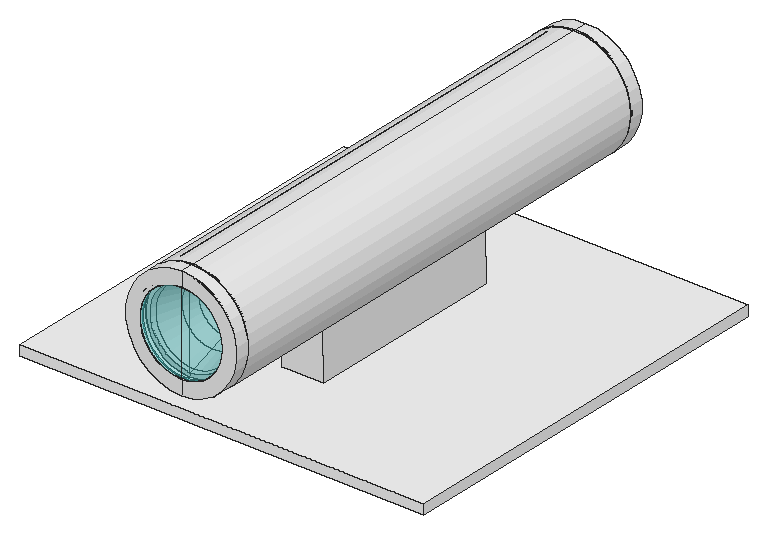
Revit family "BE_24008_de_DE", category Leuchten, Revit 2020
Family settings
  Basisbauteil = Fläche
  Bemaßung runder Anschluss = Durchmesser verwenden
  Teiletyp = Normal
  Beim Laden mit Abzugskörper schneiden = Ja
  Lichtquelle = Ja
  Gemeinsam genutzt = Nein
  Raumberechnungspunkt = Ja
Parameters (values of type "BEGA_24008_Weiß_K4")
  built-in parameter 1150104 = 14.279 (stored number, unit not read)
  Wattage = 24.2 W
  Default Elevation = 0 mm
  built-in parameter 1150113 = 1 (stored number, unit not read)
  built-in parameter 1114218 = 1 (stored number, unit not read)
  Umgebungstemperatur = "25 °C"
  URL = "https://www.bega.com/de/produkt/24008"
  Typenkommentare = "© 2022 BEGA. Wir behalten uns das Recht vor, technische Änderungen ohne vorherige Ankündigung vorzunehmen."  # constant formula
  Type Image = 24008.png
  built-in parameter 1150134 = 12
  built-in parameter 1150109 = 1 (stored number, unit not read)
  Strom = ""
  built-in parameter 1150110 = 1 (stored number, unit not read)
  Spannung = 239.996 V
  Sonderanfertigung = no
  Seriennummer [instance] = "Hier können Sie die eindeutige Seriennummer für das Facility Management eintragen."
  Schutzklasse = "I"
  Schutzart = "IP 65"
  Scheinlast = 0 VA
  Produktdatenblatt = "https://cdn.bega.com/bega/products/24008WK3/current/documents/data-sheets/de"
  Oberflächentemperatur = ""
  Neigungswinkel = 0.00°
  Modell = "24008WK4"
  Material_17 = BEGA_Reflektor
  Material_15 = BEGA_Leuchtmedium_matt
  Material_11 = BEGA_Glas_opal
  Material_09 = BEGA_Glas_klar
  Material_06 = BEGA_Oberfläche_Edelstahl_gebürstet
  Material_03 = BEGA_Oberfläche_Weiss_matt
  Material_02 = BEGA_Oberfläche_Silber_matt
  Material_01 [instance] = BEGA_Oberfläche_Grafit_matt
  M_W = yes
  M_G = no
  M_A = no
  Logo = 0
  built-in parameter 1114217 = 1 (stored number, unit not read)
  built-in parameter 1150139 = (empty or 0)
  built-in parameter 1150105 = 295.99 (stored number, unit not read)
  built-in parameter 1150114 = 1 (stored number, unit not read)
  Lumens = 3719.54 lm
  built-in parameter 1150115 = 1 (stored number, unit not read)
  Leuchtenlichtstrom = "2369 lm"
  Leuchtenanzahl = ""
  Lebensdauerkriterien = "L70B50 @ 25 °C = 190000 h"
  Lastklassifizierung = Beleuchtung
  built-in parameter 1150112 = 1 (stored number, unit not read)
  Lampenlichtstrom = "3720 lm"
  Lampe = "LED 24.2 W"
  LED_Modulbezeichnung = "2x LED-0813/840"
  built-in parameter 1150142 = (empty or 0)
  Hersteller = "BEGA"  # constant formula
  Halbstreuwinkel = ""
  Gewicht = "3.2 kg"
  Gebrauchslageneinschränkung [instance] = ""
  Frequenz = "0/50-60 Hz"
  Farbwiedergabeindex = "CRI > 80"
  Farbtemperaturverschiebung bei Dämpfen der Lampe = <Keine Auswahl>
  Farbtemperatur = "4000 K"
  Color Filter = 16777215
  built-in parameter 1150133 = 10 (stored number, unit not read)
  Energieeffizienzklasse = "LED A++ - A"
  built-in parameter 1150137 = (empty or 0)
  built-in parameter 1150132 = (empty or 0)
  ENEC = "ja"
  Dimmbar [instance] = "DALI"
  Datei für fotometrisches Netz = "BE_24008K4.IES"
  CE_Konformität = "ja"
  Bestellnummer = "24008WK4"
  Beschreibung_Sonderanfertigung = "Hier können Sie Informationen zur Sonderanfertigung eintragen."
  Beschreibung = "Wandleuchte"
  built-in parameter 1150106 = 2.9599 (stored number, unit not read)
  Befestigungsbohrung = "Ø 4,3 mm"
  Befestigungsabstand = "160 x 14 mm"
  Ballwurfsicher = ""
  BEGA_Intern_aus = yes
  BEGA_Intern_an = yes
  BEGA_Intern_Konstruktion = yes
  BEGA_Intern = yes
  BEGA_IES = yes
  BEGA_Dummy = no
  Anschlussleitung = ""
  Anschlussleistung [instance] = "27.2 W"
  Anschlusskasten = ""
  built-in parameter 1150107 = 4000 (stored number, unit not read)
  built-in parameter 1150102 = (empty or 0)
  built-in parameter 1150138 = (empty or 0)
  Aktualisierung = "2022-05-18T04:00:07"
  Abstand_zur_angestrahlten_Fläche [instance] = ""
  AC/DC = "AC/DC"
Types (6, lengths in mm): name | built-in parameter 1150104 | Wattage | built-in parameter 1150134 | Modell | M_W | M_G | M_A | built-in parameter 1150105 | Lumens | Leuchtenlichtstrom | Lampenlichtstrom | LED_Modulbezeichnung | Farbtemperatur | Datei für fotometrisches Netz | Bestellnummer | built-in parameter 1150106 | built-in parameter 1150107
  BEGA_24008_Weiß_K4 | 14.279 (stored number, unit not read) | 24.2 W | 12 | "24008WK4" | yes | no | no | 295.99 (stored number, unit not read) | 3719.54 lm | "2369 lm" | "3720 lm" | "2x LED-0813/840" | "4000 K" | "BE_24008K4.IES" | "24008WK4" | 2.9599 (stored number, unit not read) | 4000 (stored number, unit not read)
  BEGA_24008_Weiß_K3 | 13.359 (stored number, unit not read) | 24.2 W | (empty or 0) | "24008WK3" | yes | no | no | 276.93 (stored number, unit not read) | 3479.96 lm | "2216 lm" | "3480 lm" | "2x LED-0813/830" | "3000 K" | "BE_24008K3.IES" | "24008WK3" | 2.7693 (stored number, unit not read) | 3000 (stored number, unit not read)
  BEGA_24008_Grafit_K4 | 13.8 (stored number, unit not read) | 153.7 W | 12 | "24008K4" | no | yes | no | 1816.8 (stored number, unit not read) | 22830.9 lm | "2369 lm" | "3720 lm" | "2x LED-0813/840" | "4000 K" | "BE_24008K4.IES" | "24008K4" | 18.168 (stored number, unit not read) | 4000 (stored number, unit not read)
  BEGA_24008_Silber_K4 | 14.279 (stored number, unit not read) | 24.2 W | 12 | "24008AK4" | no | no | yes | 295.99 (stored number, unit not read) | 3719.54 lm | "2369 lm" | "3720 lm" | "2x LED-0813/840" | "4000 K" | "BE_24008K4.IES" | "24008AK4" | 2.9599 (stored number, unit not read) | 4000 (stored number, unit not read)
  BEGA_24008_Silber_K3 | 13.359 (stored number, unit not read) | 24.2 W | (empty or 0) | "24008AK3" | no | no | yes | 276.93 (stored number, unit not read) | 3479.96 lm | "2216 lm" | "3480 lm" | "2x LED-0813/830" | "3000 K" | "BE_24008K3.IES" | "24008AK3" | 2.7693 (stored number, unit not read) | 3000 (stored number, unit not read)
  BEGA_24008_Grafit_K3 | 13.359 (stored number, unit not read) | 24.2 W | (empty or 0) | "24008K3" | no | yes | no | 276.93 (stored number, unit not read) | 3479.96 lm | "2216 lm" | "3480 lm" | "2x LED-0813/830" | "3000 K" | "BE_24008K3.IES" | "24008K3" | 2.7693 (stored number, unit not read) | 3000 (stored number, unit not read)
Reference planes
  plane 1 "Mitte (Vorne/Hinten)": y = 0
  plane 2: z = 0
  plane 3 "Mitte (Links/Rechts)": x = 0
  plane 4 "Links": x = -55
  plane 5 "Rechts": x = 55
  plane 6 "Unten": y = -249.991
  plane 7 "Oben": y = 250
  plane 8 "Vorne": z = 157.5
  plane 9 "Hinten": z = 0
Forms (mm)
  Extrusion 1, solid, material "BEGA_Platte_Weiss"
    sketch origin (0, -1119.2, 0) x (1, 0, 0) y (0, 1, 0)
      loop
        line (-200, 1319.2) -> (-200, 919.2) -> (200, 919.2) -> (200, 1319.2) -> (-200, 1319.2)
    from 0 to -10
  Extrusion 2, solid, material "BEGA_Dummy_matt", visible <- "BEGA_Dummy"
    sketch origin (80.095, -76.023, 0) x (1, 0, 0) y (0, 1, 0)
      loop
        line (-135.095, 326.023) -> (-135.095, -173.968) -> (-25.095, -173.968) -> (-25.095, 326.023) -> (-135.095, 326.023)
    from 0 to 157.5
Dimensions and locks
  plane 1 "Mitte (Vorne/Hinten)" to Extrusion 1 = 200 mm
  aligned and locked: plane 2 to Extrusion 1
  aligned and locked: level to Extrusion 1
Nested families
  nested 1: "BE_24008_Wandleuchte" at (0, 0, 0), type "BE_24008_Wandleuchte"
    with Neigungswinkel_um_Y2 0.00°, Neigungswinkel_um_Y1 0.00°, Neigungswinkel_um_X2 0.00°, Neigungswinkel_um_X1 0.00°, Drehwinkel_um_Z2 0.00°, Drehwinkel_um_Z1 0.00°, BEGA_Neigng_Y2 0.00°, BEGA_Neigng_Y1 0.00°, BEGA_Neigng_X2 0.00°, BEGA_Neigng_X1 0.00°, BEGA_Infotext_Winkel no
Connectors
  electrical at (0, 0, 0), driven by "Lastklassifizierung", driven by "Spannung", driven by "Scheinlast"
    settings: index 1, voltage 239.996 V, apparent load 0 VA, apparent load phase1 0 VA, apparent load phase2 0 VA, apparent load phase3 0 VA, power factor 1, load classification "Beleuchtung", number of poles 1, system type 31, power factor state 1, is connector primary yes, connector utility no, sub classification motor no, connector description ""
Definition of nested family "BE_24008_Wandleuchte"
  Parameters (values of type "BE_24008_Wandleuchte")
    Default Elevation = 1 mm
    URL = "http://www.bega.de/de/produkt"
    Type Comments = "© 2015 BEGA. Wir behalten uns das Recht vor, technische Änderungen ohne vorherige Ankündigung vorzunehmen. "  # constant formula
    Type Image = element 69241
    Neigungswinkel_um_Y2 [instance] = 0.00°
    Neigungswinkel_um_Y1 [instance] = 0.00°
    Neigungswinkel_um_X2 [instance] = 0.00°
    Neigungswinkel_um_X1 [instance] = 0.00°
    Material_17 = none
    Material_15 = none
    Material_09 = none
    Material_03 = none
    Material_02 = none
    Material_01 = none
    M_W = yes
    M_G = yes
    M_A = yes
    Länge_Platte = 200 mm  # constant formula
    Höhe_Platte = -10 mm  # constant formula
    Manufacturer = "BEGA"  # constant formula
    Drehwinkel_um_Z2 [instance] = 0.00°
    Drehwinkel_um_Z1 [instance] = 0.00°
    Breite_Platte = 200 mm  # constant formula
    BEGA_Neigng_Y2 [instance] = if(Neigungswinkel_um_Y2 < -30.00°, -30.00°, if(Neigungswinkel_um_Y2 > 30.00°, 30.00°, Neigungswinkel_um_Y2))  # 0.00°
    BEGA_Neigng_Y1 [instance] = if(Neigungswinkel_um_X2 < -30.00°, -30.00°, if(Neigungswinkel_um_X2 > 30.00°, 30.00°, Neigungswinkel_um_X2))  # 0.00°
    BEGA_Neigng_X2 [instance] = if(Neigungswinkel_um_Y1 < -30.00°, -30.00°, if(Neigungswinkel_um_Y1 > 30.00°, 30.00°, Neigungswinkel_um_Y1))  # 0.00°
    BEGA_Neigng_X1 [instance] = if(Neigungswinkel_um_X1 < -30.00°, -30.00°, if(Neigungswinkel_um_X1 > 30.00°, 30.00°, Neigungswinkel_um_X1))  # 0.00°
    BEGA_Infotext_Winkel [instance] = if(or(Neigungswinkel_um_X1 < -30.00°, Neigungswinkel_um_X1 > 30.00°, Neigungswinkel_um_X2 < -30.00°, Neigungswinkel_um_X2 > 30.00°, Neigungswinkel_um_Y1 < -30.00°, Neigungswinkel_um_Y1 > 30.00°, Neigungswinkel_um_Y2 < -30.00°, Neigungswinkel_um_Y2 > 30.00°), 1 < 2, 1 > 2)  # no
    Aktualisierung = "Stand: 25.03.2015"  # constant formula
  Reference planes
    plane 1 "Mitte (Vorne/Hinten)": y = 0
    plane 2: z = 0
    plane 3 "Mitte (Links/Rechts)": x = 0
    plane 4 "Befestigung Links": x = -55
    plane 5 "Befestigung Rechts": x = 55
    plane 6: z = 157.5
    plane 7: y = 250
    plane 8: y = -249.991
  Forms (mm)
    Extrusion 1, solid, detail levels medium
      sketch origin (0, 0, 0) x (1, 0, 0) y (0, 1, 0)
        loop
          line (-100, 100) -> (-100, -100) -> (100, -100) -> (100, 100) -> (-100, 100)
      from 0 to -10 <- "Höhe_Platte"
    Extrusion 2, solid, material <- "Material_01", visible <- "M_G", detail levels medium+fine
      sketch origin (0, 0, 0) x (1, 0, 0) y (0, 0, 1)
        loop
          line (20.847, 0) -> (20, 48.5) -> (17.678, 50.822)
          arc (17.678, 50.822) -> (16.556, 49.768) -> (15.372, 48.785) r 25
          arc (15.372, 48.785) -> (0.121, 43.5) -> (-15.18, 48.636) r 25
          arc (-15.18, 48.636) -> (-16.465, 49.688) -> (-17.678, 50.822) r 25
          line (-17.678, 50.822) -> (-20, 48.5) -> (-20.847, 0) -> (20.847, 0)
      from -100 to 100
    Extrusion 3, void
      sketch origin (0, 0, 0) x (1, 0, 0) y (0, 1, 0)
        loop
          line (-15.384, 71.433) -> (-15.384, -71.433) -> (15.384, -71.433) -> (15.384, 71.433) -> (-15.384, 71.433)
      from 0 to 11.465
    Extrusion 4, void
      sketch origin (0, 0, 0) x (0, 1, 0) y (0, 0, 1)
        loop
          line (87.516, 43) -> (-87.53, 43) -> (-86.5, 13.501) -> (86.501, 13.501) -> (87.516, 43)
      from -13.32 to 13.455
    Extrusion 5, void
      sketch origin (0, 0, 0) x (1, 0, 0) y (0, 1, 0)
        loop
          circle (7, -80) r 2.65
        loop
          circle (-7, 80) r 2.65
      from 0 to 13.5
    Extrusion 6, void
      sketch origin (0, 0, 0) x (1, 0, 0) y (0, 1, 0)
        loop
          circle (-7, 80) r 5.5
        loop
          circle (7, -80) r 5.5
      from 3.965 to 13.5
    Extrusion 7, void
      sketch origin (0, 0, 0) x (1, 0, 0) y (0, 1, 0)
        loop
          circle (0, 57.191) r 8.5
        loop
          circle (0, 24) r 8.5
      from 11.465 to 13.5
    Revolve 8, solid, material <- "Material_09", detail levels medium+fine
      sketch origin (0, 0, 0) x (0, 1, 0) y (0, 0, 1)
        loop
          line (250, 102.5) -> (250, 143.2) -> (246, 143.2) -> (246, 145.75) -> (240, 145.75) -> (240, 102.5) -> (250, 102.5)
        axis (240, 102.5) -> (250, 102.5)
      angle from 0 to 360
    Revolve 9, solid, material <- "Material_09", detail levels medium+fine
      sketch origin (0, 0, 0) x (0, -1, 0) y (0, 0, 1)
        loop
          line (250, 102.5) -> (250, 143.2) -> (246, 143.2) -> (246, 145.75) -> (240, 145.75) -> (240, 102.5) -> (250, 102.5)
        axis (240, 102.5) -> (250, 102.5)
      angle from 0 to 360
    Revolve 10, solid, material <- "Material_17", detail levels medium+fine
      sketch origin (0, 0, 0) x (0, 1, 0) y (0, 0, 1)
        loop
          line (179.656, 110) -> (180.22, 116.443)
          arc (180.22, 116.443) -> (188.873, 122.105) -> (198.109, 126.756) r 91.573
          arc (198.109, 126.756) -> (205.26, 129.762) -> (212.48, 132.596) r 323.555
          arc (212.48, 132.596) -> (223.888, 136.638) -> (235.46, 140.186) r 281.579
          arc (235.46, 140.186) -> (237.729, 140.848) -> (240, 141.5) r 514.681
          line (240, 141.5) -> (240, 145.25) -> (239.138, 145.25) -> (239.138, 141.774) -> (236.064, 140.884)
          arc (236.064, 140.884) -> (227.608, 138.33) -> (219.214, 135.579) r 378.531
          arc (219.214, 135.579) -> (208.24, 131.549) -> (197.446, 127.061) r 278.266
          arc (197.446, 127.061) -> (188.09, 122.269) -> (179.357, 116.419) r 90.068
          line (179.357, 116.419) -> (178.795, 110) -> (179.656, 110)
        axis (178.795, 102.5) -> (240, 102.5)
      angle from 0 to 360
    Revolve 11, solid, material <- "Material_17", detail levels medium+fine
      sketch origin (0, 0, 0) x (0, -1, 0) y (0, 0, 1)
        loop
          line (179.656, 110) -> (180.22, 116.443)
          arc (180.22, 116.443) -> (188.873, 122.105) -> (198.109, 126.756) r 91.573
          arc (198.109, 126.756) -> (205.26, 129.762) -> (212.48, 132.596) r 323.555
          arc (212.48, 132.596) -> (223.888, 136.638) -> (235.46, 140.186) r 281.579
          arc (235.46, 140.186) -> (237.729, 140.848) -> (240, 141.5) r 514.681
          line (240, 141.5) -> (240, 145.25) -> (239.138, 145.25) -> (239.138, 141.774) -> (236.064, 140.884)
          arc (236.064, 140.884) -> (227.608, 138.33) -> (219.214, 135.579) r 378.531
          arc (219.214, 135.579) -> (208.24, 131.549) -> (197.446, 127.061) r 278.266
          arc (197.446, 127.061) -> (188.09, 122.269) -> (179.357, 116.419) r 90.068
          line (179.357, 116.419) -> (178.795, 110) -> (179.656, 110)
        axis (178.795, 102.5) -> (240, 102.5)
      angle from 0 to 360
    Revolve 12, solid, material <- "Material_15", detail levels medium+fine
      sketch origin (0, 0, 0) x (0, 1, 0) y (0, 0, 1)
        loop
          line (179.656, 102.5) -> (179.656, 110) -> (178.795, 110) -> (178.795, 102.5) -> (179.656, 102.5)
        axis (178.795, 102.5) -> (179.795, 102.5)
      angle from 0 to 360
    Revolve 13, solid, material <- "Material_15", detail levels medium+fine
      sketch origin (0, 0, 0) x (0, -1, 0) y (0, 0, 1)
        loop
          line (179.656, 102.5) -> (179.656, 110) -> (178.795, 110) -> (178.795, 102.5) -> (179.656, 102.5)
        axis (178.795, 102.5) -> (179.795, 102.5)
      angle from 0 to 360
    Revolve 14, solid, material <- "Material_01", visible <- "M_G", detail levels medium+fine
      sketch origin (0, 0, 0) x (0, 1, 0) y (0, 0, 1)
        loop
          line (235.5, 157.5) -> (-235.491, 157.5) -> (-235.491, 155.25) -> (-238.991, 155.25) -> (-238.991, 154) -> (239, 154) -> (239, 155.25) -> (235.5, 155.25) -> (235.5, 157.5)
        axis (-238.991, 102.5) -> (239, 102.5)
      angle from 0 to 360
    Revolve 15, solid, material <- "Material_01", visible <- "M_G", detail levels medium+fine
      sketch origin (0, 0, 0) x (0, 1, 0) y (0, 0, 1)
        loop
          line (250, 157.523) -> (237, 157.75) -> (237, 155.75) -> (239, 155.715) -> (239, 153.905)
          arc (239, 153.905) -> (239.287, 153.204) -> (239.984, 152.905) r 1
          line (239.984, 152.905) -> (246, 152.8) -> (246, 147.526) -> (247.5, 147.5) -> (247.5, 143.719) -> (250, 143.5) -> (250, 157.523)
        axis (237, 102.5) -> (250, 102.5)
      angle from 0 to 360
    Revolve 16, solid, material <- "Material_01", visible <- "M_G", detail levels medium+fine
      sketch origin (0, 0, 0) x (0, -1, 0) y (0, 0, 1)
        loop
          line (250, 157.523) -> (237, 157.75) -> (237, 155.75) -> (239, 155.715) -> (239, 153.905)
          arc (239, 153.905) -> (239.287, 153.204) -> (239.984, 152.905) r 1
          line (239.984, 152.905) -> (246, 152.8) -> (246, 147.526) -> (247.5, 147.5) -> (247.5, 143.719) -> (250, 143.5) -> (250, 157.523)
        axis (237, 102.5) -> (250, 102.5)
      angle from 0 to 360
    Extrusion 17, solid, material <- "Material_02", visible <- "M_A", detail levels medium+fine
      sketch origin (0, 0, 0) x (1, 0, 0) y (0, 0, 1)
        loop
          line (20.847, 0) -> (20, 48.5) -> (17.678, 50.822)
          arc (17.678, 50.822) -> (16.556, 49.768) -> (15.372, 48.785) r 25
          arc (15.372, 48.785) -> (0.121, 43.5) -> (-15.18, 48.636) r 25
          arc (-15.18, 48.636) -> (-16.465, 49.688) -> (-17.678, 50.822) r 25
          line (-17.678, 50.822) -> (-20, 48.5) -> (-20.847, 0) -> (20.847, 0)
      from -100 to 100
    Revolve 18, solid, material <- "Material_02", visible <- "M_A", detail levels medium+fine
      sketch origin (0, 0, 0) x (0, 1, 0) y (0, 0, 1)
        loop
          line (235.5, 157.5) -> (-235.491, 157.5) -> (-235.491, 155.25) -> (-238.991, 155.25) -> (-238.991, 154) -> (239, 154) -> (239, 155.25) -> (235.5, 155.25) -> (235.5, 157.5)
        axis (-238.991, 102.5) -> (239, 102.5)
      angle from 0 to 360
    Revolve 19, solid, material <- "Material_02", visible <- "M_A", detail levels medium+fine
      sketch origin (0, 0, 0) x (0, 1, 0) y (0, 0, 1)
        loop
          line (250, 157.523) -> (237, 157.75) -> (237, 155.75) -> (239, 155.715) -> (239, 153.905)
          arc (239, 153.905) -> (239.287, 153.204) -> (239.984, 152.905) r 1
          line (239.984, 152.905) -> (246, 152.8) -> (246, 147.526) -> (247.5, 147.5) -> (247.5, 143.719) -> (250, 143.5) -> (250, 157.523)
        axis (237, 102.5) -> (250, 102.5)
      angle from 0 to 360
    Revolve 20, solid, material <- "Material_02", visible <- "M_A", detail levels medium+fine
      sketch origin (0, 0, 0) x (0, -1, 0) y (0, 0, 1)
        loop
          line (250, 157.523) -> (237, 157.75) -> (237, 155.75) -> (239, 155.715) -> (239, 153.905)
          arc (239, 153.905) -> (239.287, 153.204) -> (239.984, 152.905) r 1
          line (239.984, 152.905) -> (246, 152.8) -> (246, 147.526) -> (247.5, 147.5) -> (247.5, 143.719) -> (250, 143.5) -> (250, 157.523)
        axis (237, 102.5) -> (250, 102.5)
      angle from 0 to 360
    Extrusion 21, solid, material <- "Material_03", visible <- "M_W", detail levels medium+fine
      sketch origin (0, 0, 0) x (1, 0, 0) y (0, 0, 1)
        loop
          line (20.847, 0) -> (20, 48.5) -> (17.678, 50.822)
          arc (17.678, 50.822) -> (16.556, 49.768) -> (15.372, 48.785) r 25
          arc (15.372, 48.785) -> (0.121, 43.5) -> (-15.18, 48.636) r 25
          arc (-15.18, 48.636) -> (-16.465, 49.688) -> (-17.678, 50.822) r 25
          line (-17.678, 50.822) -> (-20, 48.5) -> (-20.847, 0) -> (20.847, 0)
      from -100 to 100
    Revolve 22, solid, material <- "Material_03", visible <- "M_W", detail levels medium+fine
      sketch origin (0, 0, 0) x (0, 1, 0) y (0, 0, 1)
        loop
          line (235.5, 157.5) -> (-235.491, 157.5) -> (-235.491, 155.25) -> (-238.991, 155.25) -> (-238.991, 154) -> (239, 154) -> (239, 155.25) -> (235.5, 155.25) -> (235.5, 157.5)
        axis (-238.991, 102.5) -> (239, 102.5)
      angle from 0 to 360
    Revolve 23, solid, material <- "Material_03", visible <- "M_W", detail levels medium+fine
      sketch origin (0, 0, 0) x (0, 1, 0) y (0, 0, 1)
        loop
          line (250, 157.523) -> (237, 157.75) -> (237, 155.75) -> (239, 155.715) -> (239, 153.905)
          arc (239, 153.905) -> (239.287, 153.204) -> (239.984, 152.905) r 1
          line (239.984, 152.905) -> (246, 152.8) -> (246, 147.526) -> (247.5, 147.5) -> (247.5, 143.719) -> (250, 143.5) -> (250, 157.523)
        axis (237, 102.5) -> (250, 102.5)
      angle from 0 to 360
    Revolve 24, solid, material <- "Material_03", visible <- "M_W", detail levels medium+fine
      sketch origin (0, 0, 0) x (0, -1, 0) y (0, 0, 1)
        loop
          line (250, 157.523) -> (237, 157.75) -> (237, 155.75) -> (239, 155.715) -> (239, 153.905)
          arc (239, 153.905) -> (239.287, 153.204) -> (239.984, 152.905) r 1
          line (239.984, 152.905) -> (246, 152.8) -> (246, 147.526) -> (247.5, 147.5) -> (247.5, 143.719) -> (250, 143.5) -> (250, 157.523)
        axis (237, 102.5) -> (250, 102.5)
      angle from 0 to 360
  Cuts and joins
    Extrusion 3, Extrusion 4, Extrusion 5, Extrusion 6, Extrusion 7 cuts Extrusion 2
    joined: Revolve 15, Revolve 16
    joined: Revolve 8, Revolve 9
    joined: Revolve 10, Revolve 11
    joined: Revolve 12, Revolve 13
    Extrusion 3, Extrusion 5, Extrusion 7 cuts Extrusion 17
    Extrusion 3, Extrusion 5, Extrusion 7 cuts Extrusion 21
  Dimensions and locks
    equal spacing: Extrusion 1 sketch curve, plane 3 "Mitte (Links/Rechts)", Extrusion 1 sketch curve
    equal spacing: Extrusion 1 sketch curve, plane 1 "Mitte (Vorne/Hinten)", Extrusion 1 sketch curve
    "Länge_Platte": Extrusion 1 sketch curve to Extrusion 1 sketch curve
    "Breite_Platte": Extrusion 1 sketch curve to Extrusion 1 sketch curve
    plane 1 "Mitte (Vorne/Hinten)" to Extrusion 1 = 100 mm  (x3)
    aligned and locked: Extrusion 1 to plane 2
    aligned and locked: Extrusion 1 to level
  Automatic sketch dimensions
    Extrusion 2 sketch curve to Extrusion 2 sketch curve = 0 mm  (x7)
    Extrusion 2 sketch curve to level = 0 mm
    Extrusion 2 sketch curve to plane 3 "Mitte (Links/Rechts)" = 0 mm
    Extrusion 2 sketch curve to plane 3 "Mitte (Links/Rechts)" = 17.678 mm
    Extrusion 2 sketch curve to Extrusion 2 sketch curve = 2.322 mm  (x3)
    Extrusion 2 sketch curve to plane 3 "Mitte (Links/Rechts)" = 20.847 mm
    plane 3 "Mitte (Links/Rechts)" to Extrusion 2 sketch curve = 17.678 mm
    plane 3 "Mitte (Links/Rechts)" to Extrusion 2 sketch curve = 20.847 mm
    level to Extrusion 2 sketch curve = 48.5 mm
    Extrusion 2 sketch curve to Extrusion 2 sketch curve = 17.678 mm
    Extrusion 2 sketch curve to Extrusion 2 sketch curve = 2.498 mm
    Extrusion 2 sketch curve to Extrusion 2 sketch curve = 2.306 mm
    Extrusion 3 sketch curve to plane 3 "Mitte (Links/Rechts)" = 15.384 mm
    plane 3 "Mitte (Links/Rechts)" to Extrusion 3 sketch curve = 15.384 mm
    plane 1 "Mitte (Vorne/Hinten)" to Extrusion 3 sketch curve = 71.433 mm
    Extrusion 3 sketch curve to plane 1 "Mitte (Vorne/Hinten)" = 71.433 mm
    level to Extrusion 4 sketch curve = 13.501 mm
    Extrusion 4 sketch curve to Extrusion 4 sketch curve = 1.03 mm
    Extrusion 4 sketch curve to Extrusion 4 sketch curve = 1.014 mm
    Extrusion 4 sketch curve to Extrusion 4 sketch curve = 29.499 mm
    Extrusion 5 sketch curve to plane 3 "Mitte (Links/Rechts)" = 7 mm
    plane 3 "Mitte (Links/Rechts)" to Extrusion 5 sketch curve = 7 mm
    Extrusion 6 sketch curve to plane 3 "Mitte (Links/Rechts)" = 7 mm
    plane 3 "Mitte (Links/Rechts)" to Extrusion 6 sketch curve = 7 mm
    Extrusion 7 sketch curve to plane 3 "Mitte (Links/Rechts)" = 0 mm  (x2)
    Extrusion 7 sketch curve to plane 1 "Mitte (Vorne/Hinten)" = 24 mm
    Extrusion 7 sketch curve to Extrusion 7 sketch curve = 33.19 mm
    Revolve 8 sketch curve to Revolve 8 sketch curve = 6 mm
    Revolve 8 sketch curve to Revolve 8 sketch curve = 10 mm
    Revolve 8 sketch curve to Revolve 8 sketch curve = 0 mm
    Revolve 8 sketch curve to Revolve 8 sketch curve = 40.7 mm
    Revolve 8 sketch curve to Revolve 8 sketch curve = 2.55 mm
    Revolve 8 sketch curve to Revolve 8 sketch curve = 0.199 mm
    Revolve 9 sketch curve to Revolve 9 sketch curve = 6 mm
    Revolve 9 sketch curve to Revolve 9 sketch curve = 10 mm
    Revolve 9 sketch curve to Revolve 9 sketch curve = 40.7 mm
    Revolve 9 sketch curve to Revolve 9 sketch curve = 2.55 mm
    Revolve 9 sketch curve to Revolve 9 sketch curve = 0.199 mm
    Revolve 10 sketch curve to Revolve 10 sketch curve = 0.562 mm
    Revolve 10 sketch curve to Revolve 10 sketch curve = 0.861 mm
    Revolve 10 sketch curve to Revolve 10 sketch curve = 0.863 mm
    Revolve 10 sketch curve to Revolve 10 sketch curve = 0.847 mm
    Revolve 10 sketch curve to Revolve 10 sketch curve = 3.074 mm
    Revolve 10 sketch curve to Revolve 10 sketch curve = 0.862 mm
    Revolve 10 sketch curve to Revolve 10 sketch curve = 2.56 mm
    Revolve 10 sketch curve to Revolve 10 sketch curve = 14.866 mm
    Revolve 10 sketch curve to Revolve 10 sketch curve = 14.213 mm
    Revolve 10 sketch curve to Revolve 10 sketch curve = 39.524 mm
    Revolve 10 sketch curve to Revolve 10 sketch curve = 3.15 mm
    Revolve 10 sketch curve to Revolve 10 sketch curve = 39.255 mm
    Revolve 10 sketch curve to Revolve 10 sketch curve = 52.741 mm
    Revolve 10 sketch curve to Revolve 10 sketch curve = 130.817 mm
    level to Revolve 10 sketch curve = 42.77 mm
    Revolve 10 sketch curve to Revolve 10 sketch curve = 1.868 mm
    Revolve 10 sketch curve to Revolve 10 sketch curve = 7.5 mm
    Revolve 10 sketch curve to Revolve 10 sketch curve = 6.419 mm
    Revolve 10 sketch curve to Revolve 10 sketch curve = 0.024 mm
    Revolve 10 sketch curve to Revolve 10 sketch curve = 14.129 mm
    Revolve 10 sketch curve to Revolve 10 sketch curve = 0.615 mm
    Revolve 10 sketch curve to Revolve 10 sketch curve = 0.274 mm
    Revolve 10 sketch curve to Revolve 10 sketch curve = 3.476 mm
    Revolve 10 sketch curve to Revolve 10 sketch curve = 0 mm  (x3)
    Revolve 10 sketch curve to Revolve 10 sketch curve = 9.801 mm
    Revolve 11 sketch curve to Revolve 11 sketch curve = 0.562 mm
    Revolve 11 sketch curve to Revolve 11 sketch curve = 0.861 mm
    Revolve 11 sketch curve to Revolve 11 sketch curve = 0.863 mm
    Revolve 11 sketch curve to Revolve 11 sketch curve = 0.847 mm
    Revolve 11 sketch curve to Revolve 11 sketch curve = 3.074 mm
    Revolve 11 sketch curve to Revolve 11 sketch curve = 0.862 mm
    Revolve 11 sketch curve to Revolve 11 sketch curve = 2.56 mm
    Revolve 11 sketch curve to Revolve 11 sketch curve = 14.866 mm
    Revolve 11 sketch curve to Revolve 11 sketch curve = 14.213 mm
    Revolve 11 sketch curve to Revolve 11 sketch curve = 39.524 mm
    Revolve 11 sketch curve to Revolve 11 sketch curve = 3.15 mm
    Revolve 11 sketch curve to Revolve 11 sketch curve = 39.255 mm
    Revolve 11 sketch curve to Revolve 11 sketch curve = 52.741 mm
    Revolve 11 sketch curve to Revolve 11 sketch curve = 130.817 mm
    Revolve 11 sketch curve to level = 42.77 mm
    Revolve 11 sketch curve to Revolve 11 sketch curve = 1.868 mm
    Revolve 11 sketch curve to Revolve 11 sketch curve = 65.361 mm
    Revolve 11 sketch curve to Revolve 11 sketch curve = 6.419 mm
    Revolve 11 sketch curve to Revolve 11 sketch curve = 0.024 mm
    Revolve 11 sketch curve to Revolve 11 sketch curve = 14.129 mm
    Revolve 11 sketch curve to Revolve 11 sketch curve = 0.615 mm
    Revolve 11 sketch curve to Revolve 11 sketch curve = 0.274 mm
    Revolve 11 sketch curve to Revolve 11 sketch curve = 3.476 mm
    Revolve 11 sketch curve to Revolve 11 sketch curve = 0 mm  (x3)
    Revolve 11 sketch curve to Revolve 11 sketch curve = 9.801 mm
    Revolve 12 sketch curve to Revolve 12 sketch curve = 0.861 mm
    Revolve 12 sketch curve to Revolve 12 sketch curve = 0 mm
    Revolve 12 sketch curve to Revolve 12 sketch curve = 7.5 mm
    Revolve 13 sketch curve to Revolve 13 sketch curve = 0.861 mm
    Revolve 13 sketch curve to Revolve 13 sketch curve = 7.5 mm
    Revolve 14 sketch curve to Revolve 14 sketch curve = 3.5 mm  (x2)
    Revolve 14 sketch curve to Revolve 14 sketch curve = 1.25 mm  (x2)
    Revolve 14 sketch curve to Revolve 14 sketch curve = 2.25 mm
    Revolve 15 sketch curve to Revolve 15 sketch curve = 2 mm  (x2)
    Revolve 15 sketch curve to Revolve 15 sketch curve = 0.984 mm
    Revolve 15 sketch curve to Revolve 15 sketch curve = 1 mm
    Revolve 15 sketch curve to Revolve 15 sketch curve = 6.016 mm
    Revolve 15 sketch curve to Revolve 15 sketch curve = 1.5 mm
    Revolve 15 sketch curve to Revolve 15 sketch curve = 4 mm
    Revolve 15 sketch curve to Revolve 15 sketch curve = 41 mm
    Revolve 15 sketch curve to Revolve 15 sketch curve = 0.219 mm
    Revolve 15 sketch curve to Revolve 15 sketch curve = 3.781 mm
    Revolve 15 sketch curve to Revolve 15 sketch curve = 0.026 mm
    Revolve 15 sketch curve to Revolve 15 sketch curve = 5.274 mm
    Revolve 15 sketch curve to Revolve 15 sketch curve = 0.105 mm
    Revolve 15 sketch curve to Revolve 15 sketch curve = 1.81 mm
    Revolve 15 sketch curve to Revolve 15 sketch curve = 0.035 mm
    Revolve 15 sketch curve to Revolve 15 sketch curve = 4.723 mm
    Revolve 15 sketch curve to Revolve 15 sketch curve = 0.199 mm
    Revolve 16 sketch curve to Revolve 16 sketch curve = 2 mm  (x2)
    Revolve 16 sketch curve to Revolve 16 sketch curve = 0.984 mm
    Revolve 16 sketch curve to Revolve 16 sketch curve = 1 mm
    Revolve 16 sketch curve to Revolve 16 sketch curve = 6.016 mm
    Revolve 16 sketch curve to Revolve 16 sketch curve = 1.5 mm
    Revolve 16 sketch curve to Revolve 16 sketch curve = 4 mm
    Revolve 16 sketch curve to Revolve 16 sketch curve = 0.219 mm
    Revolve 16 sketch curve to Revolve 16 sketch curve = 3.781 mm
    Revolve 16 sketch curve to Revolve 16 sketch curve = 0.026 mm
    Revolve 16 sketch curve to Revolve 16 sketch curve = 5.274 mm
    Revolve 16 sketch curve to Revolve 16 sketch curve = 0.105 mm
    Revolve 16 sketch curve to Revolve 16 sketch curve = 1.81 mm
    Revolve 16 sketch curve to Revolve 16 sketch curve = 0.035 mm
    Revolve 16 sketch curve to Revolve 16 sketch curve = 4.723 mm
    Revolve 16 sketch curve to Revolve 16 sketch curve = 0.199 mm
    Revolve 16 sketch curve to Revolve 16 sketch curve = 41 mm
    Revolve 9 sketch curve to level = 102.5 mm  (x2)
    Revolve 11 sketch curve to level = 102.5 mm
    Revolve 13 sketch curve to level = 102.5 mm  (x2)
    Revolve 14 sketch curve to Revolve 14 sketch curve = 51.5 mm
    Revolve 16 sketch curve to level = 143.5 mm
    Revolve 10 sketch curve to plane 6 = 16.616 mm
    Revolve 10 sketch curve to Revolve 10 sketch curve = 23.584 mm
    Revolve 12 sketch curve to Revolve 12 sketch curve = 70.144 mm
    Revolve 14 sketch curve to Revolve 14 sketch curve = 10.801 mm
    Extrusion 4 sketch curve to plane 1 "Mitte (Vorne/Hinten)" = 86.501 mm
    Extrusion 5 sketch curve to plane 1 "Mitte (Vorne/Hinten)" = 80 mm
    Extrusion 6 sketch curve to plane 1 "Mitte (Vorne/Hinten)" = 80 mm
    Revolve 8 sketch curve to plane 1 "Mitte (Vorne/Hinten)" = 240 mm
    plane 1 "Mitte (Vorne/Hinten)" to Revolve 9 sketch curve = 249.8 mm
    Revolve 10 sketch curve to plane 1 "Mitte (Vorne/Hinten)" = 178.795 mm
    Revolve 10 sketch curve to Revolve 10 sketch curve = 54.105 mm
    plane 1 "Mitte (Vorne/Hinten)" to Revolve 11 sketch curve = 249.8 mm
    Revolve 12 sketch curve to plane 1 "Mitte (Vorne/Hinten)" = 178.795 mm
    plane 1 "Mitte (Vorne/Hinten)" to Revolve 13 sketch curve = 249.8 mm
    Revolve 14 sketch curve to plane 1 "Mitte (Vorne/Hinten)" = 235.5 mm
    Revolve 15 sketch curve to plane 1 "Mitte (Vorne/Hinten)" = 237 mm
    plane 1 "Mitte (Vorne/Hinten)" to Revolve 16 sketch curve = 249.8 mm
    plane 6 to Revolve 11 sketch curve = 16.616 mm
    Revolve 11 sketch curve to Revolve 11 sketch curve = 23.584 mm
    Revolve 13 sketch curve to Revolve 13 sketch curve = 70.144 mm
    Revolve 14 sketch curve to Revolve 14 sketch curve = 10.809 mm
    plane 1 "Mitte (Vorne/Hinten)" to Extrusion 4 sketch curve = 86.5 mm
    plane 1 "Mitte (Vorne/Hinten)" to Extrusion 5 sketch curve = 80 mm
    plane 1 "Mitte (Vorne/Hinten)" to Extrusion 6 sketch curve = 80 mm
    plane 1 "Mitte (Vorne/Hinten)" to Revolve 8 sketch curve = 249.8 mm
    Revolve 9 sketch curve to plane 1 "Mitte (Vorne/Hinten)" = 240 mm
    plane 1 "Mitte (Vorne/Hinten)" to Revolve 10 sketch curve = 249.8 mm
    Revolve 11 sketch curve to plane 1 "Mitte (Vorne/Hinten)" = 178.795 mm
    Revolve 11 sketch curve to Revolve 11 sketch curve = 54.105 mm
    plane 1 "Mitte (Vorne/Hinten)" to Revolve 12 sketch curve = 249.8 mm
    Revolve 13 sketch curve to plane 1 "Mitte (Vorne/Hinten)" = 178.795 mm
    plane 1 "Mitte (Vorne/Hinten)" to Revolve 14 sketch curve = 235.491 mm
    plane 1 "Mitte (Vorne/Hinten)" to Revolve 15 sketch curve = 249.8 mm
    Revolve 16 sketch curve to plane 1 "Mitte (Vorne/Hinten)" = 237 mm
    Revolve 10 sketch curve to Revolve 10 sketch curve = 37.954 mm
    Revolve 11 sketch curve to Revolve 11 sketch curve = 37.954 mm
    Revolve 8 sketch curve to plane 6 = 55 mm
    Revolve 10 sketch curve to Revolve 10 sketch curve = 55.844 mm
    Revolve 12 sketch curve to plane 6 = 55 mm
    Revolve 14 sketch curve to plane 6 = 0 mm
    Revolve 15 sketch curve to plane 6 = 14 mm
    Extrusion 17 sketch curve to Extrusion 17 sketch curve = 0 mm  (x7)
    Extrusion 17 sketch curve to level = 0 mm
    Extrusion 17 sketch curve to plane 3 "Mitte (Links/Rechts)" = 0 mm
    Extrusion 17 sketch curve to plane 3 "Mitte (Links/Rechts)" = 17.678 mm
    Extrusion 17 sketch curve to Extrusion 17 sketch curve = 2.322 mm  (x3)
    Extrusion 17 sketch curve to plane 3 "Mitte (Links/Rechts)" = 20.847 mm
    plane 3 "Mitte (Links/Rechts)" to Extrusion 17 sketch curve = 17.678 mm
    plane 3 "Mitte (Links/Rechts)" to Extrusion 17 sketch curve = 20.847 mm
    level to Extrusion 17 sketch curve = 48.5 mm
    Extrusion 17 sketch curve to Extrusion 17 sketch curve = 17.678 mm
    Extrusion 17 sketch curve to Extrusion 17 sketch curve = 2.498 mm
    Extrusion 17 sketch curve to Extrusion 17 sketch curve = 2.306 mm
    Revolve 18 sketch curve to plane 6 = 0 mm
    Revolve 18 sketch curve to plane 6 = 3.5 mm
    plane 8 to Revolve 18 sketch curve = 11 mm
    Revolve 18 sketch curve to Revolve 18 sketch curve = 3.5 mm  (x2)
    Revolve 18 sketch curve to plane 7 = 14.5 mm
    Revolve 18 sketch curve to Revolve 18 sketch curve = 2.25 mm
    Revolve 18 sketch curve to Revolve 18 sketch curve = 1.25 mm
    plane 8 to Revolve 18 sketch curve = 0.191 mm
    Revolve 18 sketch curve to plane 7 = 0.2 mm
    Revolve 18 sketch curve to Revolve 18 sketch curve = 51.5 mm
    Revolve 19 sketch curve to plane 6 = 1.75 mm
    Revolve 19 sketch curve to plane 7 = 13 mm
    Revolve 19 sketch curve to Revolve 19 sketch curve = 2 mm
    Revolve 19 sketch curve to Revolve 19 sketch curve = 0.984 mm
    Revolve 19 sketch curve to Revolve 19 sketch curve = 1 mm
    Revolve 19 sketch curve to plane 7 = 4 mm
    Revolve 19 sketch curve to plane 7 = 2.5 mm
    Revolve 19 sketch curve to plane 7 = 0 mm
    Revolve 19 sketch curve to plane 6 = 1.785 mm
    Revolve 19 sketch curve to Revolve 19 sketch curve = 1.81 mm
    Revolve 19 sketch curve to plane 6 = 4.7 mm
    Revolve 19 sketch curve to Revolve 19 sketch curve = 5.274 mm
    Revolve 19 sketch curve to Revolve 19 sketch curve = 0.026 mm
    Revolve 19 sketch curve to Revolve 19 sketch curve = 3.781 mm
    Revolve 19 sketch curve to Revolve 19 sketch curve = 0.219 mm
    plane 6 to Revolve 19 sketch curve = 0.023 mm
    plane 6 to Revolve 19 sketch curve = 0.25 mm
    plane 8 to Revolve 19 sketch curve = 0.191 mm
    Revolve 19 sketch curve to plane 7 = 0.2 mm
    Revolve 19 sketch curve to Revolve 19 sketch curve = 41 mm
    plane 6 to Revolve 20 sketch curve = 1.75 mm
    Revolve 20 sketch curve to plane 8 = 12.991 mm
    Revolve 20 sketch curve to Revolve 20 sketch curve = 2 mm
    Revolve 20 sketch curve to Revolve 20 sketch curve = 0.984 mm
    Revolve 20 sketch curve to Revolve 20 sketch curve = 1 mm
    Revolve 20 sketch curve to plane 8 = 3.991 mm
    Revolve 20 sketch curve to plane 8 = 2.491 mm
    plane 8 to Revolve 20 sketch curve = 0.009 mm
    plane 6 to Revolve 20 sketch curve = 1.785 mm
    Revolve 20 sketch curve to Revolve 20 sketch curve = 1.81 mm
    plane 6 to Revolve 20 sketch curve = 4.7 mm
    Revolve 20 sketch curve to Revolve 20 sketch curve = 5.274 mm
    Revolve 20 sketch curve to Revolve 20 sketch curve = 0.026 mm
    Revolve 20 sketch curve to Revolve 20 sketch curve = 3.781 mm
    Revolve 20 sketch curve to Revolve 20 sketch curve = 0.219 mm
    Revolve 20 sketch curve to plane 6 = 0.023 mm
    Revolve 20 sketch curve to plane 6 = 0.25 mm
    plane 7 to Revolve 20 sketch curve = 0.2 mm
    Revolve 20 sketch curve to plane 8 = 0.191 mm
    Revolve 20 sketch curve to Revolve 20 sketch curve = 41 mm
    Extrusion 21 sketch curve to Extrusion 21 sketch curve = 0 mm  (x7)
    Extrusion 21 sketch curve to level = 0 mm
    Extrusion 21 sketch curve to plane 3 "Mitte (Links/Rechts)" = 0 mm
    Extrusion 21 sketch curve to plane 3 "Mitte (Links/Rechts)" = 17.678 mm
    Extrusion 21 sketch curve to Extrusion 21 sketch curve = 2.322 mm  (x3)
    Extrusion 21 sketch curve to plane 3 "Mitte (Links/Rechts)" = 20.847 mm
    plane 3 "Mitte (Links/Rechts)" to Extrusion 21 sketch curve = 17.678 mm
    plane 3 "Mitte (Links/Rechts)" to Extrusion 21 sketch curve = 20.847 mm
    level to Extrusion 21 sketch curve = 48.5 mm
    Extrusion 21 sketch curve to Extrusion 21 sketch curve = 17.678 mm
    Extrusion 21 sketch curve to Extrusion 21 sketch curve = 2.498 mm
    Extrusion 21 sketch curve to Extrusion 21 sketch curve = 2.306 mm
    Revolve 22 sketch curve to plane 6 = 0 mm
    Revolve 22 sketch curve to plane 6 = 3.5 mm
    plane 8 to Revolve 22 sketch curve = 11 mm
    Revolve 22 sketch curve to Revolve 22 sketch curve = 3.5 mm  (x2)
    Revolve 22 sketch curve to plane 7 = 14.5 mm
    Revolve 22 sketch curve to Revolve 22 sketch curve = 2.25 mm
    Revolve 22 sketch curve to Revolve 22 sketch curve = 1.25 mm
    plane 8 to Revolve 22 sketch curve = 0.191 mm
    Revolve 22 sketch curve to plane 7 = 0.2 mm
    Revolve 22 sketch curve to Revolve 22 sketch curve = 51.5 mm
    Revolve 23 sketch curve to plane 6 = 1.75 mm
    Revolve 23 sketch curve to plane 7 = 13 mm
    Revolve 23 sketch curve to Revolve 23 sketch curve = 2 mm
    Revolve 23 sketch curve to Revolve 23 sketch curve = 0.984 mm
    Revolve 23 sketch curve to Revolve 23 sketch curve = 1 mm
    Revolve 23 sketch curve to plane 7 = 4 mm
    Revolve 23 sketch curve to plane 7 = 2.5 mm
    Revolve 23 sketch curve to plane 7 = 0 mm
    Revolve 23 sketch curve to plane 6 = 1.785 mm
    Revolve 23 sketch curve to Revolve 23 sketch curve = 1.81 mm
    Revolve 23 sketch curve to plane 6 = 4.7 mm
    Revolve 23 sketch curve to Revolve 23 sketch curve = 5.274 mm
    Revolve 23 sketch curve to Revolve 23 sketch curve = 0.026 mm
    Revolve 23 sketch curve to Revolve 23 sketch curve = 3.781 mm
    Revolve 23 sketch curve to Revolve 23 sketch curve = 0.219 mm
    plane 6 to Revolve 23 sketch curve = 0.023 mm
    plane 6 to Revolve 23 sketch curve = 0.25 mm
    plane 8 to Revolve 23 sketch curve = 0.191 mm
    Revolve 23 sketch curve to plane 7 = 0.2 mm
    Revolve 23 sketch curve to Revolve 23 sketch curve = 41 mm
    plane 6 to Revolve 24 sketch curve = 1.75 mm
    Revolve 24 sketch curve to plane 8 = 12.991 mm
    Revolve 24 sketch curve to Revolve 24 sketch curve = 2 mm
    Revolve 24 sketch curve to Revolve 24 sketch curve = 0.984 mm
    Revolve 24 sketch curve to Revolve 24 sketch curve = 1 mm
    Revolve 24 sketch curve to plane 8 = 3.991 mm
    Revolve 24 sketch curve to plane 8 = 2.491 mm
    plane 8 to Revolve 24 sketch curve = 0.009 mm
    plane 6 to Revolve 24 sketch curve = 1.785 mm
    Revolve 24 sketch curve to Revolve 24 sketch curve = 1.81 mm
    plane 6 to Revolve 24 sketch curve = 4.7 mm
    Revolve 24 sketch curve to Revolve 24 sketch curve = 5.274 mm
    Revolve 24 sketch curve to Revolve 24 sketch curve = 0.026 mm
    Revolve 24 sketch curve to Revolve 24 sketch curve = 3.781 mm
    Revolve 24 sketch curve to Revolve 24 sketch curve = 0.219 mm
    Revolve 24 sketch curve to plane 6 = 0.023 mm
    Revolve 24 sketch curve to plane 6 = 0.25 mm
    plane 7 to Revolve 24 sketch curve = 0.2 mm
    Revolve 24 sketch curve to plane 8 = 0.191 mm
    Revolve 24 sketch curve to Revolve 24 sketch curve = 41 mm
    radius of Extrusion 5 sketch curve = 2.65 mm  (x2)
    radius of Extrusion 6 sketch curve = 5.5 mm  (x2)
    radius of Extrusion 7 sketch curve = 8.5 mm  (x2)
